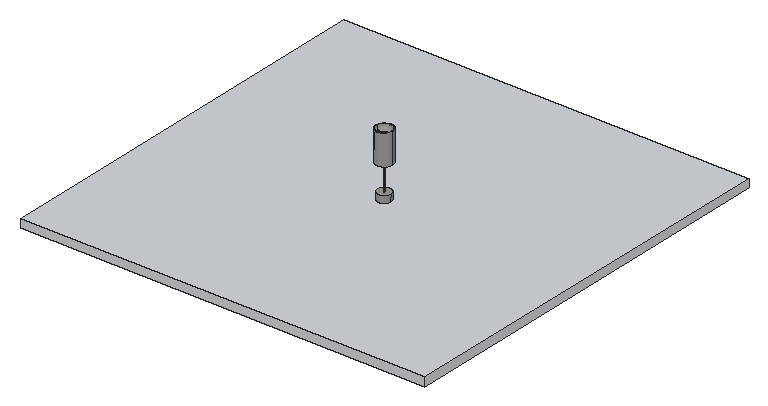
Revit family "LAMP_KOMBIC 100 SURFACE 2500 CRI80 OPAL DALI", category Luminarias, Revit 2018
Family settings
  Anfitrión = Cara
  Cota de conector redondo = Diámetro de uso
  Tipo de pieza = Normal
  Corte con vacíos al cargar = No
  Origen de luz = Sí
  Compartido = No
  Punto de cálculo de habitación = No
Parameters (values of type "1867LM 3000K DALI M/B")
  Ángulo de inclinación = -90.00°
  Weight = 0.72 kg
  UGR = ""
  Type = "COB PHILIPS"
  Protection rating = "IP40"
  Product datasheet = "http://www.lamp.es/product-files/TECH/K11SF2540OP830DMB-EN.pdf"
  Product code = "K11SF2540OP830DMB"
  Product URL = "https://www.lamp.es/en/family/kombic-surface_474354"
  Power Supply = "220-240V 50/60Hz"
  Power = 17 W
  Plum = 20.4 W
  Modelo = Product code  # "K11SF2540OP830DMB"
  Model explanation = "Possibility of chossing between surface or suspended within the model"
  Material reflector = LAMP_PC Reflector Kombic Metalizado Mate
  Material floron = LAMP_Plástico genérico NG
  Material difusor = LAMP_PMMA Difusor Kombic
  Material cuerpo = LAMP_Plástico genérico NG
  Material cable suspension = LAMP_Acero genérico
  Manufacturer name = "LAMP"
  Manufacturer country = "Spain"
  Manufacturer URL = "http://www.lamp.es/en"
  MacAdam = "3"
  Luminaire type = "Suspended"
  Last update = "26/07/2021"
  Lamp = "COB LED"
  LED Lifetime = "50.000 L80 B10"
  Insulation class = "I"
  Installation instructions = "https://www.lamp.es/product-files/packed/by-family/474354_INS_all.zip"
  IEE = "A+"
  Height suspension [instance] = 200 mm
  Height distance [instance] = if(Surface, 0.1 mm, if(Ceiling rose, if(Height suspension > 38 mm, if(Height suspension < 2000 mm, Height suspension, 2000 mm), 38 mm), 37 mm))  # 200 mm
  Wattage = 20.4 W
  built-in parameter 1150107 = 3000 (stored number, unit not read)
  Surface [instance] = no
  built-in parameter 1150110 = 1 (stored number, unit not read)
  built-in parameter 1150109 = 1 (stored number, unit not read)
  built-in parameter 1150112 = 1 (stored number, unit not read)
  built-in parameter 1150113 = 1 (stored number, unit not read)
  built-in parameter 1114218 = 1 (stored number, unit not read)
  built-in parameter 1150137 = (empty or 0)
  built-in parameter 1150132 = 2
  built-in parameter 1150105 = 1670.3 (stored number, unit not read)
  built-in parameter 1150102 = (empty or 0)
  built-in parameter 1150106 = 16.703 (stored number, unit not read)
  Height = 180 mm
  Gear = "Electronic"
  Lumens = 1866.6 lm
  Finish = "Matte black RAL 9011"
  Color Filter = 16777215
  built-in parameter 1114217 = 1 (stored number, unit not read)
  built-in parameter 1150139 = (empty or 0)
  Fabricante = Manufacturer name  # "LAMP"
  Default Elevation = 1219.2 mm
  built-in parameter 1150104 = 8.5006 (stored number, unit not read)
  Efficacy = 91.5 lm/W
  Diameter = 100 mm
  built-in parameter 1150115 = 1 (stored number, unit not read)
  built-in parameter 1150114 = 1 (stored number, unit not read)
  built-in parameter 1150138 = (empty or 0)
  built-in parameter 1150134 = (empty or 0)
  Ceiling rose [instance] = not(Surface)  # yes
  Dimming Lamp Color Temperature Shift = (empty or 0)
  CRI = "80"
  Archivo de red fotométrica = "K11SF2540OP830DMB.IES"
  built-in parameter 1150133 = 10 (stored number, unit not read)
Types (12, lengths in mm): name | Product datasheet | Product code | Modelo | Material reflector | Material floron | Material cuerpo | built-in parameter 1150107 | built-in parameter 1150105 | built-in parameter 1150106 | Lumens | Finish | built-in parameter 1150104 | Efficacy | built-in parameter 1150134 | Archivo de red fotométrica
  1867LM 3000K DALI M/B | "http://www.lamp.es/product-files/TECH/K11SF2540OP830DMB-EN.pdf" | "K11SF2540OP830DMB" | "K11SF2540OP830DMB" | LAMP_PC Reflector Kombic Metalizado Mate | LAMP_Plástico genérico NG | LAMP_Plástico genérico NG | 3000 (stored number, unit not read) | 1670.3 (stored number, unit not read) | 16.703 (stored number, unit not read) | 1866.6 lm | "Matte black RAL 9011" | 8.5006 (stored number, unit not read) | 91.5 lm/W | (empty or 0) | "K11SF2540OP830DMB.IES"
  1867LM 3000K DALI M/W | "http://www.lamp.es/product-files/TECH/K11SF2540OP830DMW-EN.pdf" | "K11SF2540OP830DMW" | "K11SF2540OP830DMW" | LAMP_PC Reflector Kombic Metalizado Mate | LAMP_Plástico genérico BL | LAMP_Plástico genérico BL | 3000 (stored number, unit not read) | 1670.3 (stored number, unit not read) | 16.703 (stored number, unit not read) | 1866.6 lm | "Matte Traffic white RAL 9016" | 8.5006 (stored number, unit not read) | 91.5 lm/W | (empty or 0) | "K11SF2540OP830DMW.IES"
  1951LM 3000K DALI W/B | "http://www.lamp.es/product-files/TECH/K11SF2540OP830DWB-EN.pdf" | "K11SF2540OP830DWB" | "K11SF2540OP830DWB" | LAMP_PC Reflector Kombic Blanco | LAMP_Plástico genérico NG | LAMP_Plástico genérico NG | 3000 (stored number, unit not read) | 1745.1 (stored number, unit not read) | 17.451 (stored number, unit not read) | 1950.24 lm | "Matte black RAL 9011" | 8.8815 (stored number, unit not read) | 95.6 lm/W | (empty or 0) | "K11SF2540OP830DWB.IES"
  1951LM 3000K DALI W/W | "http://www.lamp.es/product-files/TECH/K11SF2540OP830DWW-EN.pdf" | "K11SF2540OP830DWW" | "K11SF2540OP830DWW" | LAMP_PC Reflector Kombic Blanco | LAMP_Plástico genérico BL | LAMP_Plástico genérico BL | 3000 (stored number, unit not read) | 1745.1 (stored number, unit not read) | 17.451 (stored number, unit not read) | 1950.24 lm | "Matte Traffic white RAL 9016" | 8.8815 (stored number, unit not read) | 95.6 lm/W | (empty or 0) | "K11SF2540OP830DWW.IES"
  1959LM 3000K DALI BR/B | "http://www.lamp.es/product-files/TECH/K11SF2540OP830DRB-EN.pdf" | "K11SF2540OP830DRB" | "K11SF2540OP830DRB" | LAMP_PC Reflector Kombic Metalizado Brillante | LAMP_Plástico genérico NG | LAMP_Plástico genérico NG | 3000 (stored number, unit not read) | 1752.4 (stored number, unit not read) | 17.524 (stored number, unit not read) | 1958.4 lm | "Matte black RAL 9011" | 8.9187 (stored number, unit not read) | 96 lm/W | (empty or 0) | "K11SF2540OP830DRB.IES"
  1959LM 3000K DALI BR/W | "http://www.lamp.es/product-files/TECH/K11SF2540OP830DRW-EN.pdf" | "K11SF2540OP830DRW" | "K11SF2540OP830DRW" | LAMP_PC Reflector Kombic Metalizado Brillante | LAMP_Plástico genérico BL | LAMP_Plástico genérico BL | 3000 (stored number, unit not read) | 1752.4 (stored number, unit not read) | 17.524 (stored number, unit not read) | 1958.4 lm | "Matte Traffic white RAL 9016" | 8.9187 (stored number, unit not read) | 96 lm/W | (empty or 0) | "K11SF2540OP830DRW.IES"
  1978LM 4000K DALI M/B | "http://www.lamp.es/product-files/TECH/K11SF2540OP840DMB-EN.pdf" | "K11SF2540OP840DMB" | "K11SF2540OP840DMB" | LAMP_PC Reflector Kombic Metalizado Mate | LAMP_Plástico genérico NG | LAMP_Plástico genérico NG | 4000 (stored number, unit not read) | 1770.7 (stored number, unit not read) | 17.707 (stored number, unit not read) | 1978.8 lm | "Matte black RAL 9011" | 9.0116 (stored number, unit not read) | 97 lm/W | 12 | "K11SF2540OP840DMB.IES"
  1978LM 4000K DALI M/W | "http://www.lamp.es/product-files/TECH/K11SF2540OP840DMW-EN.pdf" | "K11SF2540OP840DMW" | "K11SF2540OP840DMW" | LAMP_PC Reflector Kombic Metalizado Mate | LAMP_Plástico genérico BL | LAMP_Plástico genérico BL | 4000 (stored number, unit not read) | 1770.7 (stored number, unit not read) | 17.707 (stored number, unit not read) | 1978.8 lm | "Matte Traffic white RAL 9016" | 9.0116 (stored number, unit not read) | 97 lm/W | 12 | "K11SF2540OP840DMW.IES"
  2067LM 4000K DALI W/B | "http://www.lamp.es/product-files/TECH/K11SF2540OP840DWB-EN.pdf" | "K11SF2540OP840DWB" | "K11SF2540OP840DWB" | LAMP_PC Reflector Kombic Blanco | LAMP_Plástico genérico NG | LAMP_Plástico genérico NG | 4000 (stored number, unit not read) | 1849.2 (stored number, unit not read) | 18.492 (stored number, unit not read) | 2066.52 lm | "Matte black RAL 9011" | 9.4111 (stored number, unit not read) | 101.3 lm/W | 12 | "K11SF2540OP840DWB.IES"
  2067LM 4000K DALI W/W | "http://www.lamp.es/product-files/TECH/K11SF2540OP840DWW-EN.pdf" | "K11SF2540OP840DWW" | "K11SF2540OP840DWW" | LAMP_PC Reflector Kombic Blanco | LAMP_Plástico genérico BL | LAMP_Plástico genérico BL | 3000 (stored number, unit not read) | 1849.2 (stored number, unit not read) | 18.492 (stored number, unit not read) | 2066.52 lm | "Matte Traffic white RAL 9016" | 9.4111 (stored number, unit not read) | 101.3 lm/W | (empty or 0) | "K11SF2540OP840DWW.IES"
  2075LM 4000K DALI BR/B | "http://www.lamp.es/product-files/TECH/K11SF2540OP840DRB-EN.pdf" | "K11SF2540OP840DRB" | "K11SF2540OP840DRB" | LAMP_PC Reflector Kombic Metalizado Brillante | LAMP_Plástico genérico NG | LAMP_Plástico genérico NG | 4000 (stored number, unit not read) | 1856.5 (stored number, unit not read) | 18.565 (stored number, unit not read) | 2074.68 lm | "Matte black RAL 9011" | 9.4482 (stored number, unit not read) | 101.7 lm/W | 12 | "K11SF2540OP840DRB.IES"
  2075LM 4000K DALI BR/W | "http://www.lamp.es/product-files/TECH/K11SF2540OP840DRW-EN.pdf" | "K11SF2540OP840DRW" | "K11SF2540OP840DRW" | LAMP_PC Reflector Kombic Metalizado Brillante | LAMP_Plástico genérico BL | LAMP_Plástico genérico BL | 4000 (stored number, unit not read) | 1856.5 (stored number, unit not read) | 18.565 (stored number, unit not read) | 2074.68 lm | "Matte Traffic white RAL 9016" | 9.4482 (stored number, unit not read) | 101.7 lm/W | 12 | "K11SF2540OP840DRW.IES"
Reference planes
  plane 1 "Centro (Frontal/Posterior)": y = 0
  plane 2: z = 0
  plane 3 "Centro (Izquierda/Derecha)": x = 0
Forms (mm)
  Extrusion 1, solid
    sketch origin (0, 0, 0) x (1, 0, 0) y (0, 1, 0)
      loop
        line (-1219.2, 1219.2) -> (-1219.2, -1219.2) -> (1219.2, -1219.2) -> (1219.2, 1219.2) -> (-1219.2, 1219.2)
    from 0 to -50
  Extrusion 2, solid, material "LAMP_Plástico genérico NG" <- "Material cuerpo"
    sketch origin (0, 0, 0) x (1, 0, 0) y (0, 1, 0)
      loop
        circle (0, 0) r 50
    from 200 to 380
  Extrusion 3, void
    sketch origin (0, 0, 0) x (1, 0, 0) y (0, 1, 0)
      loop
        circle (0, 0) r 48
    from 270.588 to 380
  Sweep 4, solid, material "LAMP_PC Reflector Kombic Metalizado Mate" <- "Material reflector"
    path origin (105.103, -251.845, 380) x (1, 0, 0) y (0, 1, 0)
      loop
        circle (-105.103, 251.959) r 48
    profile origin (0, 48.114, 380) x (0, -1, 0) y (0, 0, 1)
      loop
        arc (0, 0) -> (6.616, -20.646) -> (24, -33.6) r 35.52
        line (24, -33.6) -> (24, -32.6)
        arc (24, -32.6) -> (7.196, -20.217) -> (2, 0) r 31.112
        line (2, 0) -> (0, 0)
  Extrusion 5, solid, material "LAMP_PMMA Difusor Kombic" <- "Material difusor"
    sketch origin (0, 0, 0) x (1, 0, 0) y (0, 1, 0)
      loop
        circle (0, 0) r 24
    from 346.4 to 347.4
  Extrusion 6, solid, material "LAMP_Plástico genérico NG" <- "Material floron", visible <- "Ceiling rose"
    sketch origin (0, 0, 0) x (1, 0, 0) y (0, 1, 0)
      loop
        circle (0, 0) r 42
    from 0 to 37
  Extrusion 7, solid, material "LAMP_Acero genérico" <- "Material cable suspension", visible <- "Ceiling rose"
    sketch origin (0, 0, 0) x (1, 0, 0) y (0, 1, 0)
      loop
        circle (0, 0) r 1
    from 37 to 200
Cuts and joins
  Extrusion 3 cuts Extrusion 2
Text (mm)
  text "Any modification of the parameters and properties of the LAMP BIM models must be executed and validated by the LAMP technical department.\nPhone: +34 93 736 68 00\nE-mail: lamp@lamp.es\n\nLAMP reserves the right to modify the technical specifications of its products." at (1856.491, -4316.333, -2622.127), in view "Preview"
Dimensions and locks
  "Height distance": Extrusion 2 to Extrusion 1
  locked: Extrusion 2 to Extrusion 2 at 180
  locked: cut or joined group of Extrusion 2, Extrusion 3 to cut or joined group of Extrusion 2, Extrusion 3 at 109.412
  aligned and locked: plane 2 to Extrusion 1
  aligned and locked: level to Extrusion 1
  aligned and locked: Extrusion 2 to Extrusion 3
  aligned and locked: cut or joined group of Extrusion 2, Extrusion 3 to Sweep 4 sketch curve
  aligned and locked: Sweep 4 to Extrusion 5
  aligned and locked: Extrusion 5 to Sweep 4
  aligned and locked: Extrusion 7 to Extrusion 6
  aligned and locked: Extrusion 7 to cut or joined group of Extrusion 2, Extrusion 3
  aligned and locked: imposter light to cut or joined group of Extrusion 2, Extrusion 3
Automatic sketch dimensions
  Extrusion 1 sketch curve to Extrusion 1 sketch curve = 2438.4 mm  (x2)
  plane 1 "Centro (Frontal/Posterior)" to Extrusion 2 sketch curve = 0 mm
  Extrusion 2 sketch curve to plane 3 "Centro (Izquierda/Derecha)" = 0 mm
  plane 1 "Centro (Frontal/Posterior)" to Extrusion 3 sketch curve = 0 mm
  Extrusion 3 sketch curve to plane 3 "Centro (Izquierda/Derecha)" = 0 mm
  Sweep 4 sketch curve to Sweep 4 sketch curve = 2 mm
  Sweep 4 sketch curve to Sweep 4 sketch curve = 2.536 mm
  Sweep 4 sketch curve to Sweep 4 sketch curve = 2.814 mm
  Sweep 4 sketch curve to profile plane = 24 mm
  Sweep 4 sketch curve to Sweep 4 sketch curve = 8.984 mm
  Sweep 4 sketch curve to profile plane = 0 mm
  plane 1 "Centro (Frontal/Posterior)" to Extrusion 5 sketch curve = 0 mm
  Extrusion 5 sketch curve to plane 3 "Centro (Izquierda/Derecha)" = 0 mm
  plane 1 "Centro (Frontal/Posterior)" to Extrusion 6 sketch curve = 0 mm
  Extrusion 6 sketch curve to plane 3 "Centro (Izquierda/Derecha)" = 0 mm
  plane 1 "Centro (Frontal/Posterior)" to Extrusion 7 sketch curve = 0 mm
  Extrusion 7 sketch curve to plane 3 "Centro (Izquierda/Derecha)" = 0 mm
  radius of Extrusion 2 sketch curve = 50 mm
  radius of Extrusion 3 sketch curve = 48 mm
  radius of Sweep 4 sketch curve = 48 mm
  radius of Extrusion 5 sketch curve = 24 mm
  radius of Extrusion 6 sketch curve = 42 mm
  radius of Extrusion 7 sketch curve = 1 mm
Connectors
  electrical at (0, 0, 200)
    settings: on cut or joined group of Extrusion 2, Extrusion 3, index 1, voltage 230 V, apparent load 0 VA, apparent load phase1 0 VA, apparent load phase2 0 VA, apparent load phase3 0 VA, power factor 1, load classification "Otro", number of poles 1, system type 31, power factor state 1, is connector primary yes, connector utility no, sub classification motor no, connector description ""
